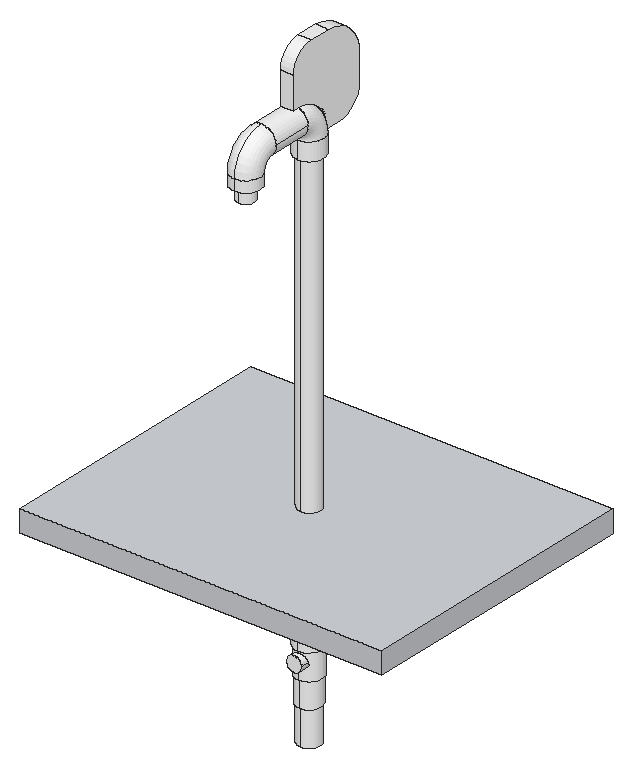
Revit family "Plumbing Fixture-Wall and Ground_Hydrant_Mifab_MHY-68", category Plumbing Fixtures, host Face, Revit 2013
Parameters (values of type "MHY-68-1")
  WFU = 0
  URL = "www.mifab.com"
  Model = "MHY-68"
  Manufacturer = "MIFAB"
  Hydrant Material = Chrome Plated
  Description = "Yard Hydrant"
  Default Elevation = 0.000"
  Bury Depth = 12.000"
Types (9): name | Bury Depth
  (no name) | 12.000"
  MHY-68-1 | 12.000"
  MHY-68-2 | 24.000"
  MHY-68-3 | 36.000"
  MHY-68-4 | 48.000"
  MHY-68-5 | 60.000"
  MHY-68-6 | 72.000"
  MHY-68-7 | 84.000"
  MHY-68-8 | 96.000"
Reference planes (in)
  plane 1 "Center (Front/Back)": y = 0
  plane 2: z = 25
  plane 3 "Center (Left/Right)": x = 0
Forms (in)
  Extrusion 1, solid
    sketch origin (1.16021, -0.74643, 25) x (1, 0, 0) y (0, 1, 0)
      loop
        line (-11.05076, 8.95661) -> (-11.05076, -7.46376) -> (9.53708, -7.46376) -> (9.53708, 8.95661) -> (-11.05076, 8.95661)
    from 0 to -1.26449
  Revolve 2, solid, material "Chrome Plated" <- "Hydrant Material"
    sketch origin (0, 0, -150.125) x (0, 1, 0) y (0, 0, 1)
      loop
        line (-0.625, 163.125) -> (0, 163.125) -> (0, 193.5) -> (-0.625, 193.5) -> (-0.625, 163.125)
      axis (0, 193.5) -> (0, 163.125)
    angle from 0 to 360
  Revolve 3, solid, material "Chrome Plated" <- "Hydrant Material"
    sketch origin (0, 0, -148.11704) x (0, 1, 0) y (0, 0, 1)
      loop
        line (0, 167.09245) -> (-0.812, 167.09245) -> (-0.812, 166.09445) -> (-0.749, 166.09445) -> (-0.749, 164.59625) -> (-0.687, 164.59625) -> (-0.687, 163.11704) -> (0, 163.11704) -> (0, 167.09245)
      axis (0, 163.11704) -> (0, 167.09245)
    angle from 0 to 360
  Extrusion 4, solid, material "Chrome Plated" <- "Hydrant Material"
    sketch origin (0, 0, -136) x (1, 0, 0) y (0, 0, 1)
      loop
        circle (0, 153.41911) r 0.4214
    from 0 to 1.0669
  Revolve 5, solid, material "Chrome Plated" <- "Hydrant Material"
    sketch origin (0, 0, -150.125) x (0, 1, 0) y (0, 0, 1)
      loop
        line (-0.8125, 194.125) -> (-0.8125, 193.125) -> (0, 193.125) -> (0, 194.125) -> (-0.8125, 194.125)
      axis (0, 193.125) -> (0, 194.125)
    angle from 0 to 360
  Sweep 6, solid, material "Chrome Plated" <- "Hydrant Material"
    path origin (0, 0, -150.125) x (0, 1, 0) y (0, 0, 1)
      loop
        arc (0, 194.125) -> (-0.3295, 194.9205) -> (-1.125, 195.25) r 1.125
    profile origin (0, -0.3295, 44.7955) x (0, -0.707107, -0.707107) y (1, 0, 0)
      loop
        circle (0, 0) r 0.8125
  Revolve 7, solid, material "Chrome Plated" <- "Hydrant Material", detail levels fine
    sketch origin (0, -4.5, -150.125) x (0, -1, 0) y (0, 0, 1)
      loop
        line (-0.8125, 194.125) -> (-0.8125, 193.5) -> (0, 193.5) -> (0, 194.125) -> (-0.8125, 194.125)
      axis (0, 193.5) -> (0, 194.125)
    angle from 0 to 360
  Sweep 8, solid, material "Chrome Plated" <- "Hydrant Material", detail levels fine
    path origin (0, -4.5, -150.125) x (0, -1, 0) y (0, 0, 1)
      loop
        arc (0, 194.125) -> (-0.3295, 194.9205) -> (-1.125, 195.25) r 1.125
    profile origin (0, -4.1705, 44.7955) x (0, -0.707107, 0.707107) y (1, 0, 0)
      loop
        circle (0, 0) r 0.8125
  Revolve 9, solid, material "Chrome Plated" <- "Hydrant Material", detail levels fine
    sketch origin (0, 0, -150.125) x (0, 1, 0) y (0, 0, 1)
      loop
        line (-4.5, 193.5) -> (-4.5, 192.75) -> (-4, 192.75) -> (-4, 193.5) -> (-4.5, 193.5)
      axis (-4.5, 193.5) -> (-4.5, 192.75)
    angle from 0 to 360
  Extrusion 10, solid, material "Chrome Plated" <- "Hydrant Material", detail levels fine
    sketch origin (0, 0, -150.125) x (0, 1, 0) y (0, 0, 1)
      loop
        line (0.8125, 194.125) -> (1.6875, 194.125)
        arc (1.6875, 194.125) -> (2.65977, 194.52773) -> (3.0625, 195.5) r 1.375
        line (3.0625, 195.5) -> (3.0625, 197)
        arc (3.0625, 197) -> (2.4401, 198.5026) -> (0.9375, 199.125) r 2.125
        line (0.9375, 199.125) -> (-0.3125, 199.125)
        arc (-0.3125, 199.125) -> (-1.19638, 198.75888) -> (-1.5625, 197.875) r 1.25
        line (-1.5625, 197.875) -> (-1.5625, 196.0625) -> (-1.125, 196.0625)
        arc (-1.125, 196.0625) -> (0.24502, 195.49502) -> (0.8125, 194.125) r 1.9375
    from -0.375 to 0.375
  Extrusion 11, solid, material "Chrome Plated" <- "Hydrant Material", detail levels fine
    sketch origin (-0.83979, 0, 0) x (1, 0, 0) y (0, 0, 1)
      loop
        circle (0.83979, 45.125) r 0.8125
    from 1.125 to 3.375
Cuts and joins
  joined: Extrusion 10, Extrusion 11
  joined: Revolve 2, Revolve 5, Sweep 6
  joined: Revolve 7, Sweep 8
Lines and regions (in)
  symbolic lines, style "PlumbingFixtures"
    curve 1: line (-3.38528, 1.0625, 25) -> (0.86472, 1.0625, 25)
    curve 2: line (-3.38528, -1.4375, 25) -> (-3.38528, 1.0625, 25)
    curve 3: line (0.86472, -1.4375, 25) -> (-3.38528, -1.4375, 25)
    curve 4: line (0.86472, 1.0625, 25) -> (0.86472, -1.4375, 25)
    curve 5: line (2.11472, 9.1875, 25) -> (-2.13528, 9.1875, 25)
Dimensions and locks (in)
  curve 2 to curve 4 = 4.250"  (x2)
  curve 4 to curve 2 = 4.250"
  locked: Revolve 3 sketch curve to Revolve 3 sketch curve at 0.812
  locked: Revolve 3 sketch curve to Revolve 3 sketch curve at 0.998
  locked: Revolve 3 sketch curve to Revolve 3 sketch curve at 1.4982
  locked: Revolve 3 sketch curve to Revolve 3 sketch curve at 0.749
  locked: Revolve 3 sketch curve to Revolve 3 sketch curve at 0.687
  locked: Revolve 3 to Extrusion 4 sketch curve at 0.5583
  locked: Revolve 5 sketch curve to Revolve 5 sketch curve at 0.8125
  locked: Sweep 6 sketch curve to profile plane at 0
  locked: profile plane to Sweep 6 sketch curve at 0
  locked: Revolve 7 sketch curve to Revolve 7 sketch curve at 0.8125
  locked: Revolve 7 sketch curve to Revolve 7 sketch curve at 0.625
  locked: Sweep 8 sketch curve to profile plane at 0
  locked: profile plane to Sweep 8 sketch curve at 0
  locked: Revolve 9 sketch curve to Revolve 9 sketch curve at 0.5
  locked: Revolve 7 to Revolve 9 sketch curve at 0.75
  Extrusion 10 sketch curve to Extrusion 10 sketch curve = 0.875"
  Extrusion 10 sketch curve to Extrusion 10 sketch curve to Extrusion 10 sketch curve to Extrusion 10 sketch curve to Extrusion 10 sketch curve to Extrusion 10 sketch curve = 0.4375" locked, 0.8125" locked, 1.250" locked, 0.750" locked, 1.375" locked
  Extrusion 10 sketch curve to Extrusion 10 sketch curve to Extrusion 10 sketch curve to Extrusion 10 sketch curve to Extrusion 10 sketch curve to Extrusion 10 sketch curve = 0.000" locked, 1.375" locked, 1.500" locked, 0.875" locked, 1.250"
  locked: Extrusion 10 to Extrusion 10 at 0.75
  Extrusion 10 to Extrusion 10 = 0.750"
  locked: cut or joined group of Revolve 2, Revolve 5, Sweep 6 to cut or joined group of Extrusion 10, Extrusion 11 at 6
  level to cut or joined group of Revolve 2, Revolve 5, Sweep 6 = 18.000"
  locked: cut or joined group of Extrusion 10, Extrusion 11 to level at 24
  "Bury Depth": cut or joined group of Revolve 2, Revolve 5, Sweep 6 to level
  locked: cut or joined group of Revolve 2, Revolve 5, Sweep 6 to Revolve 3 at 2
  locked: cut or joined group of Revolve 2, Revolve 5, Sweep 6 to Extrusion 4 at 4.41911
  aligned and locked: plane 2 to Extrusion 1
  aligned and locked: level to Extrusion 1
  aligned and locked: Extrusion 11 to Sweep 8
  aligned and locked: Extrusion 11 to Sweep 6
Automatic sketch dimensions
  curve 1 to plane 1 "Center (Front/Back)" = 1.0625"
  curve 1 to plane 3 "Center (Left/Right)" = 3.38528"
  plane 1 "Center (Front/Back)" to curve 4 = 1.4375"
  curve 5 to plane 3 "Center (Left/Right)" = 2.13528"
  plane 3 "Center (Left/Right)" to curve 5 = 2.11472"
  curve 1 to curve 5 = 8.125"
  Extrusion 1 sketch curve to Extrusion 1 sketch curve = 20.58785"
  Extrusion 1 sketch curve to Extrusion 1 sketch curve = 16.42037"
  Revolve 2 sketch curve to plane 1 "Center (Front/Back)" = 0.000"  (x2)
  plane 1 "Center (Front/Back)" to Revolve 2 sketch curve = 0.625"
  Revolve 2 sketch curve to level = 12.000"
  level to Revolve 2 sketch curve = 18.375"
  Revolve 2 sketch curve to Revolve 2 sketch curve = 17.500"
  Revolve 2 sketch curve to Revolve 2 sketch curve = 8.000"
  Revolve 3 sketch curve to plane 1 "Center (Front/Back)" = 0.000"  (x2)
  Revolve 3 sketch curve to level = 10.000"
  Revolve 3 sketch curve to Revolve 3 sketch curve = 1.47921"
  Revolve 3 sketch curve to Revolve 3 sketch curve = 167.97236"
  Revolve 3 sketch curve to level = 11.76534"
  Extrusion 4 sketch curve to plane 3 "Center (Left/Right)" = 0.000"
  Revolve 5 sketch curve to plane 1 "Center (Front/Back)" = 0.000"  (x2)
  level to Revolve 5 sketch curve = 18.000"
  Revolve 5 sketch curve to Revolve 5 sketch curve = 1.000"
  Revolve 5 sketch curve to level = 35.750"
  Revolve 5 sketch curve to Revolve 5 sketch curve = 0.375"
  Sweep 6 sketch curve to plane 1 "Center (Front/Back)" = 0.000"
  plane 1 "Center (Front/Back)" to Sweep 6 sketch curve = 1.125"
  level to Sweep 6 sketch curve = 19.000"
  Revolve 7 sketch curve to plane 1 "Center (Front/Back)" = 3.6875"
  Revolve 7 sketch curve to level = 18.375"
  Revolve 7 sketch curve to Revolve 7 sketch curve = 0.000"  (x2)
  level to Revolve 7 sketch curve = 35.750"
  Sweep 8 sketch curve to plane 1 "Center (Front/Back)" = 3.375"
  Sweep 8 sketch curve to Sweep 8 sketch curve = 1.125"
  Sweep 8 sketch curve to level = 19.000"
  plane 1 "Center (Front/Back)" to Revolve 9 sketch curve = 4.500"
  level to Revolve 9 sketch curve = 18.375"
  Revolve 9 sketch curve to Revolve 9 sketch curve = 0.000"  (x3)
  plane 1 "Center (Front/Back)" to Extrusion 10 sketch curve = 1.5625"
  level to Extrusion 10 sketch curve = 19.000"
  Extrusion 11 sketch curve to plane 3 "Center (Left/Right)" = 0.000"
  level to Extrusion 11 sketch curve = 20.125"
  radius of Extrusion 4 sketch curve = 0.4214"
  radius of Sweep 6 sketch curve = 0.8125"
  radius of Sweep 8 sketch curve = 0.8125"
  radius of Extrusion 11 sketch curve = 0.8125"
Connectors (in)
  piping at (0, -4.5, 42.625)
    settings: on Revolve 9, index 2, connector radius 3/8", flow factor 0, pipe flow 0 GPM, pressure drop 0.00 psi, fitting loss kfactor 0, connector angle 0.00°, fixture units 0, engagement length 0.000", flow configuration 0, flow direction 0, fitting loss method 0, system type 7, joint type 0, gender type 0, connector reference index -1, connector utility 0, adjustable connector no, is connector primary yes, fitting loss table "", connector description "Male Hose"
  piping at (0, 0, 13)
    settings: on cut or joined group of Revolve 2, Revolve 5, Sweep 6, index 3, connector radius 3/8", flow factor 0, pipe flow 0 GPM, pressure drop 0.00 psi, fitting loss kfactor 0, connector angle 0.00°, fixture units 0, engagement length 0.000", flow configuration 0, flow direction 0, fitting loss method 0, system type 7, joint type 0, gender type 0, connector reference index -1, connector utility 0, adjustable connector no, is connector primary no, fitting loss table "", connector description "Inlet"
